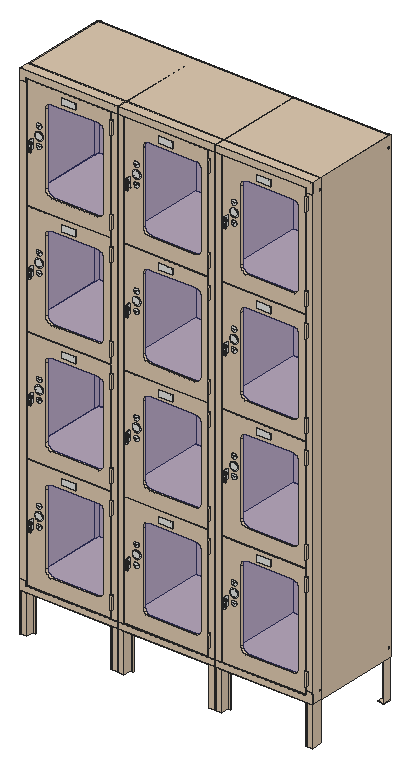
Revit family "Metal_See_Through_Lockers-Salsbury_Industries-S_54000_Series-3_Wide_Units", category Specialty Equipment, Revit 2016
Family settings
  Part Type = Normal
  Round Connector Dimension = Use Diameter
  OmniClass Number = 23.40.00.00
  OmniClass Title = Equipment and Furnishings
  Work Plane-Based = No
  Always vertical = Yes
  Cut with Voids When Loaded = No
  Shared = No
  Room Calculation Point = No
Parameters (values of type "S-54365 - with Standard 6" High Legs")
  Zee Base Corner - Right Side [instance] = Metal Locker Zee Base Corner : None
  Zee Base Corner - Left Side [instance] = Metal Locker Zee Base Corner : None
  Zee Base - Right Side [instance] = Metal Locker Zee Base-Right Side : None
  Zee Base - Left Side [instance] = Metal Locker Zee Base-Left Side : None
  Zee Base = Metal Locker Zee Base - 3 Wide : None
  Window Panel Material = Polycarbonate - Salsbury Finish - Clear
  Width = 45.040"
  Version = "2.0 (03/30/18)"
  Unit Height including Sloping Hood Only [instance] = 80.682"
  Unit Height = 72.000"
  URL = "www.lockers.com"
  Type Comments = "15\" Wide See-Through Metal Lockers - Four Tier"
  Total Door(s) Height [instance] = 69.81949"
  Sloping Top In-Line Filler - Right Side [instance] = Metal Locker Sloping Top Filler : None
  Sloping Top In-Line Filler - Left Side [instance] = Metal Locker Sloping Top Filler : None
  Sloping Top Corner Filler - Right Side [instance] = Metal Locker Sloping Corner Filler : None
  Sloping Top Corner Filler - Left Side [instance] = Metal Locker Sloping Corner Filler : None
  Sloping Hood Height = if(Depth = 12.010", 6.625", if(Depth = 15.010", 8.682", if(Depth = 18.010", 10.739", 0.000")))  # 8.682"
  Sloping Hood [instance] = Metal Locker Sloping Hood : None
  Compartment Divider Height = Individual Door Height - 0.375"  # 16.985"
  Right Side Base [instance] = Metal Locker Right Side Base : None
  Primary Structure Material [instance] = Paint - Salsbury Finish - Tan
  Overall Width including Rivets [instance] = 45.120"
  Unit Height including Base Only [instance] = 78.000"
  Overall Unit Height (including Base and Sloping Hood) [instance] = 86.682"
  OmniClass 23 Title = "Equipment and Furnishings"
  OmniClass 23 Number = "23.40.00.00"
  Model = "S-54365"
  MasterFormat Title = "Lockers"
  MasterFormat Number = "10 51 13"
  Manufacturer = "Salsbury Industries"
  Left Side Base [instance] = Metal Locker Left Side Base : None
  Individual Door Height = 17.360"
  Hasp Plate Rivet Material = Steel -Salsbury Finish - Polished Steel
  Front Vertical Filler - Right [instance] = Metal Locker Front Filler : None
  Front Vertical Filler - Left [instance] = Metal Locker Front Filler : None
  Front Base [instance] = Metal Locker Front Base : None
  Flat Top In-Line Filler - Right Side [instance] = Metal Locker Flat Top Filler : None
  Flat Top In-Line Filler - Left Side [instance] = Metal Locker Flat Top Filler : None
  Flat Top Corner Filler - Right Side [instance] = Metal Locker Flat Corner Filler : None
  Flat Top Corner Filler - Left Side [instance] = Metal Locker Flat Corner Filler : None
  Individual Door Width [instance] = 9.90055"
  End Panel - Right Side [instance] = Metal Locker End Panel : None
  End Panel - Left Side [instance] = Metal Locker End Panel : None
  Door Location D1 = See-Through Metal Locker Doors-15 inch with Latch Hasps : Four Tier Door - 6 foot
  Description = "3 Wide - 6 Feet High - 15 Inches Deep"
  Depth = 15.010"
  Base Height = 6.000"
  Standard Leg Base = Metal Locker Legs - 3 Wide : 6" High - 45"W x 15"D
  Assembly Code = "C1030310"
Reference planes (in)
  plane 1 "Center (Front/Back)": y = 0
  plane 2: z = 0
  plane 3 "Center (Left/Right)": x = 0
  plane 4 "Floor": z = 0
  plane 5 "Bottom of Unit": z = 6
  plane 6 "Top of Unit": z = 78
  plane 7 "Left Side of Unit": x = -18.02
  plane 8 "Right Side of Unit": x = 27.02
  plane 9 "Back of Unit": y = 7.505
  plane 10 "Front of Unit": y = -7.505
  plane 11 "Top of Sloping Hood": z = 86.682
  plane 12 "Left Rivet": x = -18.06
  plane 13 "Right Rivet": x = 27.06
  plane 14 "Right Side of Door Opening": x = 26.02
  plane 15 "Left Side of Door Opening": x = -17.02
  plane 16 "Top of Door Opening": z = 77
  plane 17 "Bottom of Door Opening": z = 7
  plane 18 "Back Edge of Front Facing": y = -5.917
  plane 19 "Front Plate Plane": y = -7.565
  plane 20 "Horizontal Center of Top Rivets": z = 76.5
  plane 21 "Horiz Center of Bottom Rivets": z = 7.5
  plane 22 "Vertical Center of Back Rivets": y = 7.005
  plane 23 "Vertical Center of Front Rivets": y = -6.255
  plane 24 "Right Align Top Filler Overlap": x = 26.435
  plane 25 "Left Align Top Filler Overlap": x = -17.435
  plane 26 "Corner Filler Align-Left": x = -18.08
  plane 27 "Corner Filler Align-Right": x = 27.08
  plane 28 "Right Side of Door": x = 25.95026
  plane 29 "Top of Door 1": z = 76.90976
  plane 30 "Bottom of Bottom Door": z = 7.09027
  plane 31 "Zee Base Offset": x = -17.669
  plane 32: x = 26.669
  plane 33 "Compartment Align 3": z = 24.985
  plane 34: x = -17.96
  plane 35: x = 26.96
  plane 36: x = -17.635
  plane 37: x = 26.635
  plane 38: y = 7.445
  plane 39: y = 7.395
  plane 40: y = 6.645
  plane 41: x = -17.9
  plane 42: x = 26.9
  plane 43: x = -17.095
  plane 44: x = 26.095
  plane 45: z = 77.94
  plane 46: z = 24.925
  plane 47: z = 23.985
  plane 48: z = 6.9204
  plane 49: z = 6.18539
  plane 50: z = 76.40796
  plane 51: z = 7.59204
  plane 52 "Right Side of Center Unit": x = 12.00667
  plane 53 "Left Side of Center Unit": x = -3.00667
  plane 54: x = 12.98167
  plane 55 "Left Side of Door Opening-Right Door": x = 13.00667
  plane 56: x = 11.03167
  plane 57 "Right Side of Door Opening-Center Door": x = 11.00667
  plane 58 "Right Side of Door - Center Door": x = 10.93667
  plane 59: x = -2.03167
  plane 60 "Left Side of Door Opening - Center Door": x = -2.00667
  plane 61: x = -3.98167
  plane 62 "Right Side of Door Opening - Left Door": x = -4.00667
  plane 63 "Right Side of Door - Left Door": x = -4.07667
  plane 64: z = 23.985
  plane 65 "Top of Door Row 3": z = 24.45027
  plane 66 "Bottom of Door Row 2": z = 24.57576
  plane 67 "Top of Door Row 2": z = 41.93576
  plane 68: z = 42.06276
  plane 69 "Compartment Align 2": z = 42.43527
  plane 70: z = 42.37527
  plane 71: z = 41.43527
  plane 72: z = 53.22076
  plane 73: z = 59.42276
  plane 74: z = 59.54976
  plane 75: z = 58.92076
  plane 76: z = 59.86076
  plane 77 "Compartment Align 1": z = 59.92076
  plane 78: z = 70.70625
  plane 79: x = -3.03667
  plane 80: x = -2.97667
  plane 81: x = 11.97667
  plane 82: x = 12.03667
Forms (in)
  Sweep 1, solid, material "Paint - Salsbury Finish - Tan" <- "Primary Structure Material"
    path origin (0, -7.505, 0) x (1, 0, 0) y (0, 0, 1)
      loop
        line (12.00667, 78) -> (12.00667, 6) -> (27.02, 6) -> (27.02, 78) -> (12.00667, 78)
    profile origin (19.51333, -7.505, 78) x (0, 0, 1) y (0, -1, 0)
      loop
        line (0, 0) -> (-1, 0) -> (-1, -1.588) -> (0, -1.588) -> (0, 0)
  Extrusion 2, solid, material "Paint - Salsbury Finish - Tan" <- "Primary Structure Material"
    sketch origin (0, 0, 6) x (0, -1, 0) y (1, 0, 0)
      loop
        line (5.917, 27.02) -> (-7.505, 27.02) -> (-7.505, 26.635) -> (-7.445, 26.635) -> (-7.445, 26.96) -> (5.917, 26.96) -> (5.917, 27.02)
    from 0 to 72
  Extrusion 3, solid, material "Paint - Salsbury Finish - Tan" <- "Primary Structure Material"
    sketch origin (0, 0, 6) x (0, -1, 0) y (1, 0, 0)
      loop
        line (5.917, -18.02) -> (5.917, -17.96) -> (-7.445, -17.96) -> (-7.445, -17.635) -> (-7.505, -17.635) -> (-7.505, -18.02) -> (5.917, -18.02)
    from 0 to 72
  Extrusion 4, solid, material "Paint - Salsbury Finish - Tan" <- "Primary Structure Material"
    sketch origin (0, 0, 6) x (0, -1, 0) y (1, 0, 0)
      loop
        line (-7.445, -17.96) -> (-6.645, -17.96) -> (-6.645, -17.9) -> (-7.395, -17.9) -> (-7.395, 26.9) -> (-6.645, 26.9) -> (-6.645, 26.96) -> (-7.445, 26.96) -> (-7.445, -17.96)
    from 0 to 72
  Sweep 5, solid, material "Paint - Salsbury Finish - Tan" <- "Primary Structure Material"
    path origin (0, 0, 7) x (0, -1, 0) y (1, 0, 0)
      loop
        line (5.917, -17.96) -> (5.917, 26.96) -> (-6.645, 26.96) -> (-6.645, 26.9) -> (-7.395, 26.9) -> (-7.395, -17.9) -> (-6.645, -17.9) -> (-6.645, -17.96) -> (5.917, -17.96)
    profile origin (-17.96, 0.364, 7) x (-1, 0, 0) y (0, 0, 1)
      loop
        line (0, -0.81461) -> (0, -0.0796) -> (-0.06, -0.0796) -> (-0.06, -0.81461) -> (0, -0.81461)
  Extrusion 6, solid, material "Paint - Salsbury Finish - Tan" <- "Primary Structure Material"
    sketch origin (0, 0, 7) x (0, -1, 0) y (1, 0, 0)
      loop
        line (-7.395, -17.9) -> (-6.645, -17.9) -> (-6.645, -17.96) -> (5.917, -17.96) -> (5.917, 26.96) -> (-6.645, 26.96) -> (-6.645, 26.9) -> (-7.395, 26.9) -> (-7.395, -17.9)
    from -0.0796 to 0
  Extrusion 7, solid, material "Paint - Salsbury Finish - Tan" <- "Primary Structure Material"
    sketch origin (0, 0, 78) x (0, -1, 0) y (1, 0, 0)
      loop
        line (-7.395, -17.9) -> (-6.645, -17.9) -> (-6.645, -17.96) -> (5.917, -17.96) -> (5.917, 26.96) -> (-6.645, 26.96) -> (-6.645, 26.9) -> (-7.395, 26.9) -> (-7.395, -17.9)
    from -0.06 to 0
  Extrusion 8, solid, material "Paint - Salsbury Finish - Tan" <- "Primary Structure Material"
    sketch origin (0, -7.565, 0) x (0, 0, -1) y (1, 0, 0)
      loop
        line (-78, -18.02) -> (-76.47656, -18.02)
        arc (-76.47656, -18.02) -> (-76.42806, -17.99991) -> (-76.40796, -17.9514) r 0.0686
        line (-76.40796, -17.9514) -> (-76.40796, -17.16351)
        arc (-76.40796, -17.16351) -> (-76.42809, -17.11506) -> (-76.47656, -17.095) r 0.0686
        line (-76.47656, -17.095) -> (-77, -17.095) -> (-77, 26.095) -> (-76.47656, 26.095)
        arc (-76.47656, 26.095) -> (-76.42809, 26.11506) -> (-76.40796, 26.16351) r 0.0686
        line (-76.40796, 26.16351) -> (-76.40796, 26.9514)
        arc (-76.40796, 26.9514) -> (-76.42806, 26.99991) -> (-76.47656, 27.02) r 0.0686
        line (-76.47656, 27.02) -> (-78, 27.02) -> (-78, -18.02)
    from -0.06 to 0
  Extrusion 9, solid, material "Paint - Salsbury Finish - Tan" <- "Primary Structure Material"
    sketch origin (0, -7.565, 84) x (0, 0, 1) y (-1, 0, 0)
      loop
        line (-78, 18.02) -> (-78, -27.02) -> (-76.47656, -27.02)
        arc (-76.47656, -27.02) -> (-76.42806, -26.99991) -> (-76.40796, -26.9514) r 0.0686
        line (-76.40796, -26.9514) -> (-76.40796, -26.16351)
        arc (-76.40796, -26.16351) -> (-76.42809, -26.11506) -> (-76.47656, -26.095) r 0.0686
        line (-76.47656, -26.095) -> (-77, -26.095) -> (-77, 17.095) -> (-76.47656, 17.095)
        arc (-76.47656, 17.095) -> (-76.42809, 17.11506) -> (-76.40796, 17.16351) r 0.0686
        line (-76.40796, 17.16351) -> (-76.40796, 17.9514)
        arc (-76.40796, 17.9514) -> (-76.42806, 17.99991) -> (-76.47656, 18.02) r 0.0686
        line (-76.47656, 18.02) -> (-78, 18.02)
    from -0.06 to 0
  Blend 10, solid, material "Steel -Salsbury Finish - Polished Steel" <- "Hasp Plate Rivet Material"
    base sketch origin (27.02, 0, 0) x (0, 0, -1) y (0, -1, 0)
      loop
        circle (-76.5, 6.255) r 0.187
    top sketch origin (27.02, 0, 0) x (0, 0, -1) y (0, -1, 0)
      loop
        circle (-76.5, 6.255) r 0.05319
    from 0 to -0.04
  Blend 11, solid, material "Steel -Salsbury Finish - Polished Steel" <- "Hasp Plate Rivet Material"
    base sketch origin (27.02, 0, -69) x (0, 0, -1) y (0, -1, 0)
      loop
        circle (-76.5, 6.255) r 0.187
    top sketch origin (27.02, 0, -69) x (0, 0, -1) y (0, -1, 0)
      loop
        circle (-76.5, 6.255) r 0.05319
    from 0 to -0.04
  Blend 12, solid, material "Steel -Salsbury Finish - Polished Steel" <- "Hasp Plate Rivet Material"
    base sketch origin (27.02, 10.26, -69) x (0, 0, -1) y (0, -1, 0)
      loop
        circle (-76.5, 3.255) r 0.187
    top sketch origin (27.02, 10.26, -69) x (0, 0, -1) y (0, -1, 0)
      loop
        circle (-76.5, 3.255) r 0.05319
    from 0 to -0.04
  Blend 13, solid, material "Steel -Salsbury Finish - Polished Steel" <- "Hasp Plate Rivet Material"
    base sketch origin (27.02, 10.26, 0.0043) x (0, 0, -1) y (0, -1, 0)
      loop
        circle (-76.5, 3.255) r 0.187
    top sketch origin (27.02, 10.26, 0.0043) x (0, 0, -1) y (0, -1, 0)
      loop
        circle (-76.5, 3.255) r 0.05319
    from 0 to -0.04
  Blend 14, solid, material "Steel -Salsbury Finish - Polished Steel" <- "Hasp Plate Rivet Material"
    base sketch origin (-6.02, 0, -69) x (0, 0, -1) y (0, 1, 0)
      loop
        circle (-76.5, -6.255) r 0.187
    top sketch origin (-6.02, 0, -69) x (0, 0, -1) y (0, 1, 0)
      loop
        circle (-76.5, -6.255) r 0.05319
    from -12 to -12.04
  Blend 15, solid, material "Steel -Salsbury Finish - Polished Steel" <- "Hasp Plate Rivet Material"
    base sketch origin (-6.02, 10.26, -69) x (0, 0, -1) y (0, 1, 0)
      loop
        circle (-76.5, -3.255) r 0.187
    top sketch origin (-6.02, 10.26, -69) x (0, 0, -1) y (0, 1, 0)
      loop
        circle (-76.5, -3.255) r 0.05319
    from -12 to -12.04
  Blend 16, solid, material "Steel -Salsbury Finish - Polished Steel" <- "Hasp Plate Rivet Material"
    base sketch origin (-6.02, 0, 0) x (0, 0, -1) y (0, 1, 0)
      loop
        circle (-76.5, -6.255) r 0.187
    top sketch origin (-6.02, 0, 0) x (0, 0, -1) y (0, 1, 0)
      loop
        circle (-76.5, -6.255) r 0.05319
    from -12 to -12.04
  Blend 17, solid, material "Steel -Salsbury Finish - Polished Steel" <- "Hasp Plate Rivet Material"
    base sketch origin (-6.02, 10.26, 0.00039) x (0, 0, -1) y (0, 1, 0)
      loop
        circle (-76.5, -3.255) r 0.187
    top sketch origin (-6.02, 10.26, 0.00039) x (0, 0, -1) y (0, 1, 0)
      loop
        circle (-76.5, -3.255) r 0.05319
    from -12 to -12.04
  Extrusion 18, solid, material "Paint - Salsbury Finish - Tan" <- "Primary Structure Material"
    sketch origin (0, 0, 24.985) x (0, -1, 0) y (1, 0, 0)
      loop
        line (-7.395, -17.9) -> (-6.645, -17.9) -> (-6.645, -17.96) -> (5.917, -17.96) -> (5.917, 26.96) -> (-6.645, 26.96) -> (-6.645, 26.9) -> (-7.395, 26.9) -> (-7.395, -17.9)
    from -0.06 to 0
  Sweep 19, solid, material "Paint - Salsbury Finish - Tan" <- "Primary Structure Material"
    path origin (0, 0, 24.985) x (0, -1, 0) y (1, 0, 0)
      loop
        line (5.917, -17.96) -> (5.917, 26.96) -> (-6.645, 26.96) -> (-6.645, 26.9) -> (-7.395, 26.9) -> (-7.395, -17.9) -> (-6.645, -17.9) -> (-6.645, -17.96) -> (5.917, -17.96)
    profile origin (-17.96, 0.364, 24.985) x (-1, 0, 0) y (0, 0, 1)
      loop
        line (0, -1) -> (0, -0.06) -> (-0.06, -0.06) -> (-0.06, -1) -> (0, -1)
  Sweep 20, solid, material "Paint - Salsbury Finish - Tan" <- "Primary Structure Material"
    path origin (-12.01333, -7.505, 0) x (1, 0, 0) y (0, 0, 1)
      loop
        line (9.00667, 78) -> (9.00667, 6) -> (24.02, 6) -> (24.02, 78) -> (9.00667, 78)
    profile origin (4.5, -7.505, 78) x (0, 0, 1) y (0, -1, 0)
      loop
        line (0, 0) -> (-1, 0) -> (-1, -1.588) -> (0, -1.588) -> (0, 0)
  Sweep 21, solid, material "Paint - Salsbury Finish - Tan" <- "Primary Structure Material"
    path origin (-24.02667, -7.505, 0) x (1, 0, 0) y (0, 0, 1)
      loop
        line (6.00667, 78) -> (6.00667, 6) -> (21.02, 6) -> (21.02, 78) -> (6.00667, 78)
    profile origin (-10.51333, -7.505, 78) x (0, 0, 1) y (0, -1, 0)
      loop
        line (0, 0) -> (-1, 0) -> (-1, -1.588) -> (0, -1.588) -> (0, 0)
  Extrusion 22, solid, material "Paint - Salsbury Finish - Tan" <- "Primary Structure Material"
    sketch origin (0, 0, 42.43527) x (0, -1, 0) y (1, 0, 0)
      loop
        line (-7.445, -17.9) -> (-6.645, -17.9) -> (-6.645, -17.96) -> (5.917, -17.96) -> (5.917, 26.96) -> (-6.645, 26.96) -> (-6.645, 26.9) -> (-7.445, 26.9) -> (-7.445, -17.9)
    from -0.06 to 0
  Sweep 23, solid, material "Paint - Salsbury Finish - Tan" <- "Primary Structure Material"
    path origin (0, 0, 42.43527) x (0, -1, 0) y (1, 0, 0)
      loop
        line (5.917, -17.96) -> (5.917, 26.96) -> (-6.645, 26.96) -> (-6.645, 26.9) -> (-7.445, 26.9) -> (-7.445, -17.9) -> (-6.645, -17.9) -> (-6.645, -17.96) -> (5.917, -17.96)
    profile origin (-17.96, 0.364, 42.43527) x (-1, 0, 0) y (0, 0, 1)
      loop
        line (0, -1) -> (0, -0.06) -> (-0.06, -0.06) -> (-0.06, -1) -> (0, -1)
  Extrusion 24, solid, material "Paint - Salsbury Finish - Tan" <- "Primary Structure Material"
    sketch origin (0, 0, 59.92076) x (0, -1, 0) y (1, 0, 0)
      loop
        line (-7.445, -17.9) -> (-6.645, -17.9) -> (-6.645, -17.96) -> (5.917, -17.96) -> (5.917, 26.96) -> (-6.645, 26.96) -> (-6.645, 26.9) -> (-7.445, 26.9) -> (-7.445, -17.9)
    from -0.06 to 0
  Sweep 25, solid, material "Paint - Salsbury Finish - Tan" <- "Primary Structure Material"
    path origin (0, 0, 59.92076) x (0, -1, 0) y (1, 0, 0)
      loop
        line (5.917, -17.96) -> (5.917, 26.96) -> (-6.645, 26.96) -> (-6.645, 26.9) -> (-7.445, 26.9) -> (-7.445, -17.9) -> (-6.645, -17.9) -> (-6.645, -17.96) -> (5.917, -17.96)
    profile origin (-17.96, 0.364, 59.92076) x (-1, 0, 0) y (0, 0, 1)
      loop
        line (0, -1) -> (0, -0.06) -> (-0.06, -0.06) -> (-0.06, -1) -> (0, -1)
  Extrusion 26, solid, material "Paint - Salsbury Finish - Tan" <- "Primary Structure Material", detail levels medium+fine
    sketch origin (12.00667, 0, 0) x (0, 0, -1) y (0, -1, 0)
      loop
        line (-77.94, 5.917) -> (-77.94, -7.395) -> (-6, -7.395) -> (-6, 5.917) -> (-77.94, 5.917)
    from -0.03 to 0.03
  Extrusion 27, solid, material "Paint - Salsbury Finish - Tan" <- "Primary Structure Material", detail levels medium+fine
    sketch origin (-3.00667, 0, 0) x (0, 0, -1) y (0, -1, 0)
      loop
        line (-77.94, 5.917) -> (-77.94, -7.395) -> (-6, -7.395) -> (-6, 5.917) -> (-77.94, 5.917)
    from -0.03 to 0.03
Lines and regions (in)
  reference lines
    curve 1: line (-41.59242, -7.565, 78) -> (57.15758, -7.565, 78)
  symbolic lines
    curve 2: line (-18.02, 7.505, 78) -> (27.02, 7.505, 78)
    curve 3: line (-18.02, -7.565, 78) -> (-18.02, 7.505, 78)
    curve 4: line (27.02, -7.565, 78) -> (-18.02, -7.565, 78)
    curve 5: line (27.02, 7.505, 78) -> (27.02, -7.565, 78)
    curve 6: line (-18.06, -6.30819, 78) -> (-18.02, -6.41809, 78)
    curve 7: line (-18.02, -6.08043, 78) -> (-18.06, -6.20181, 78)
    curve 8: line (-18.06, -6.30819, 78) -> (-18.06, -6.20181, 78)
    curve 9: line (-18.06, 6.95181, 78) -> (-18.02, 6.81077, 78)
    curve 10: line (-18.06, 7.05819, 78) -> (-18.02, 7.18474, 78)
    curve 11: line (-18.06, 7.05819, 78) -> (-18.06, 6.95181, 78)
    curve 12: line (27.06, 7.05819, 78) -> (27.02, 7.20747, 78)
    curve 13: line (27.06, 6.95181, 78) -> (27.02, 6.8179, 78)
    curve 14: line (27.06, 7.05819, 78) -> (27.06, 6.95181, 78)
    curve 15: line (27.06, -6.20181, 78) -> (27.02, -6.07098, 78)
    curve 16: line (27.06, -6.30819, 78) -> (27.02, -6.44769, 78)
    curve 17: line (27.06, -6.20181, 78) -> (27.06, -6.30819, 78)
  model lines
    curve 18: line (12.00667, 7.505, 6) -> (12.00667, 7.505, 78)
    curve 19: line (-3.00667, 7.505, 6) -> (-3.00667, 7.505, 78)
    curve 20: line (-3.00667, 7.445, 78) -> (-3.00667, -7.565, 78)
    curve 21: line (12.00667, 7.445, 78) -> (12.00667, -7.565, 78)
Dimensions and locks (in)
  equal spacing: plane 7 "Left Side of Unit", plane 53 "Left Side of Center Unit", plane 52 "Right Side of Center Unit", plane 8 "Right Side of Unit"
  "Width": plane 7 "Left Side of Unit" to plane 8 "Right Side of Unit"
  "Base Height": plane 5 "Bottom of Unit" to plane 4 "Floor"
  "Unit Height": plane 6 "Top of Unit" to plane 5 "Bottom of Unit"
  "Unit Height including Base Only": plane 6 "Top of Unit" to plane 4 "Floor"
  equal spacing: plane 10 "Front of Unit", plane 1 "Center (Front/Back)", plane 9 "Back of Unit"
  "Depth": plane 10 "Front of Unit" to plane 9 "Back of Unit"
  "Sloping Hood Height": plane 11 "Top of Sloping Hood" to plane 6 "Top of Unit"
  "Overall Unit Height (including Base and Sloping Hood)": plane 11 "Top of Sloping Hood" to plane 4 "Floor"
  locked: plane 12 "Left Rivet" to plane 7 "Left Side of Unit" at 0.04
  locked: plane 8 "Right Side of Unit" to plane 13 "Right Rivet" at 0.04
  "Overall Width including Rivets": plane 12 "Left Rivet" to plane 13 "Right Rivet"
  plane 6 "Top of Unit" to plane 16 "Top of Door Opening" to plane 29 "Top of Door 1" to plane 50 = 1.000" locked, 0.09024", 0.5018"
  plane 51 to plane 30 "Bottom of Bottom Door" to plane 17 "Bottom of Door Opening" to plane 5 "Bottom of Unit" = 0.50177", 0.09027", 1.000" locked
  locked: plane 7 "Left Side of Unit" to plane 15 "Left Side of Door Opening" at 1
  plane 28 "Right Side of Door" to plane 14 "Right Side of Door Opening" to plane 8 "Right Side of Unit" = 0.06974", 1.000" locked
  plane 19 "Front Plate Plane" to plane 10 "Front of Unit" to plane 18 "Back Edge of Front Facing" = 0.060" locked, 1.588" locked
  "Unit Height including Sloping Hood Only": plane 11 "Top of Sloping Hood" to plane 5 "Bottom of Unit"
  locked: plane 20 "Horizontal Center of Top Rivets" to plane 6 "Top of Unit" at 1.5
  locked: plane 5 "Bottom of Unit" to plane 21 "Horiz Center of Bottom Rivets" at 1.5
  locked: plane 22 "Vertical Center of Back Rivets" to plane 9 "Back of Unit" at 0.5
  locked: plane 10 "Front of Unit" to plane 23 "Vertical Center of Front Rivets" at 1.25
  locked: plane 24 "Right Align Top Filler Overlap" to plane 13 "Right Rivet" at 0.625
  locked: plane 12 "Left Rivet" to plane 25 "Left Align Top Filler Overlap" at 0.625
  locked: plane 8 "Right Side of Unit" to plane 27 "Corner Filler Align-Right" at 0.06
  locked: plane 26 "Corner Filler Align-Left" to plane 7 "Left Side of Unit" at 0.06
  "Total Door(s) Height": plane 29 "Top of Door 1" to plane 30 "Bottom of Bottom Door"
  plane 7 "Left Side of Unit" to plane 31 "Zee Base Offset" = 0.351"
  plane 32 to plane 8 "Right Side of Unit" = 0.351"
  plane 33 "Compartment Align 3" to plane 46 to plane 64 = 0.060" locked, 0.940" locked
  plane 7 "Left Side of Unit" to plane 34 to plane 41 to plane 36 = 0.060" locked, 0.060" locked, 0.265" locked
  plane 37 to plane 42 to plane 35 to plane 8 "Right Side of Unit" = 0.265" locked, 0.060", 0.060"
  plane 40 to plane 39 to plane 38 to plane 9 "Back of Unit" = 0.750" locked, 0.050", 0.060"
  locked: plane 7 "Left Side of Unit" to plane 43 at 0.925
  locked: plane 44 to plane 8 "Right Side of Unit" at 0.925
  locked: plane 6 "Top of Unit" to plane 45 at 0.06
  plane 46 to plane 47 = 0.940"
  locked: plane 17 "Bottom of Door Opening" to plane 48 at 0.0796
  plane 48 to plane 49 = 0.73501"
  plane 58 "Right Side of Door - Center Door" to plane 57 "Right Side of Door Opening-Center Door" to plane 56 to plane 52 "Right Side of Center Unit" to plane 54 to plane 55 "Left Side of Door Opening-Right Door" = 0.070", 0.025", 0.975", 0.975", 0.025"
  plane 63 "Right Side of Door - Left Door" to plane 62 "Right Side of Door Opening - Left Door" to plane 61 to plane 53 "Left Side of Center Unit" to plane 59 to plane 60 "Left Side of Door Opening - Center Door" = 0.070", 0.025", 0.975", 0.975", 0.025"
  "Individual Door Height": plane 65 "Top of Door Row 3" to plane 30 "Bottom of Bottom Door"
  "Compartment Divider Height": plane 64 to plane 17 "Bottom of Door Opening"
  locked: plane 66 "Bottom of Door Row 2" to plane 65 "Top of Door Row 3" at 0.12549
  "Individual Door Height": plane 67 "Top of Door Row 2" to plane 66 "Bottom of Door Row 2"
  locked: plane 68 to plane 67 "Top of Door Row 2" at 0.127
  plane 69 "Compartment Align 2" to plane 70 to plane 71 = 0.060" locked, 0.940" locked
  "Compartment Divider Height": plane 71 to plane 65 "Top of Door Row 3"
  "Individual Door Height": plane 73 to plane 68
  locked: plane 74 to plane 73 at 0.127
  "Compartment Divider Height": plane 75 to plane 67 "Top of Door Row 2"
  plane 77 "Compartment Align 1" to plane 76 to plane 75 = 0.060" locked, 0.940" locked
  plane 79 to plane 53 "Left Side of Center Unit" to plane 80 = 0.030", 0.030"
  plane 81 to plane 52 "Right Side of Center Unit" to plane 82 = 0.030", 0.030"
  aligned and locked: level to plane 2
  aligned and locked: Extrusion 2 to plane 6 "Top of Unit"
  aligned and locked: Extrusion 3 to plane 6 "Top of Unit"
  aligned and locked: Extrusion 4 to plane 6 "Top of Unit"
  aligned and locked: Extrusion 8 to plane 10 "Front of Unit"
  aligned and locked: Extrusion 9 to plane 10 "Front of Unit"
  aligned and locked: Extrusion 6 to plane 17 "Bottom of Door Opening"
  aligned and locked: plane 4 "Floor" to nested 2
  aligned and locked: plane 5 "Bottom of Unit" to Extrusion 9
  aligned and locked: plane 8 "Right Side of Unit" to nested 6
  aligned and locked: plane 7 "Left Side of Unit" to nested 7
  aligned and locked: Blend 10 to plane 13 "Right Rivet"
  aligned and locked: plane 8 "Right Side of Unit" to Blend 10
  aligned and locked: Blend 15 to plane 7 "Left Side of Unit"
  aligned and locked: Blend 14 to plane 7 "Left Side of Unit"  (x2)
  aligned and locked: plane 12 "Left Rivet" to Blend 14
  aligned and locked: plane 12 "Left Rivet" to Blend 15
  aligned and locked: Blend 14 to plane 12 "Left Rivet"
  aligned and locked: Blend 17 to plane 7 "Left Side of Unit"
  aligned and locked: plane 12 "Left Rivet" to Blend 17
  aligned and locked: Blend 16 to plane 7 "Left Side of Unit"
  aligned and locked: plane 12 "Left Rivet" to Blend 16
  aligned and locked: plane 5 "Bottom of Unit" to nested 10
  aligned and locked: plane 13 "Right Rivet" to nested 10
  aligned and locked: plane 12 "Left Rivet" to nested 11
  aligned and locked: nested 11 to plane 10 "Front of Unit"
  aligned and locked: plane 13 "Right Rivet" to nested 12
  aligned and locked: plane 10 "Front of Unit" to nested 12
  aligned and locked: plane 6 "Top of Unit" to nested 12
  aligned and locked: plane 12 "Left Rivet" to nested 13
  aligned and locked: plane 10 "Front of Unit" to nested 13
  aligned and locked: plane 6 "Top of Unit" to nested 13
  aligned and locked: plane 6 "Top of Unit" to nested 14
  aligned and locked: nested 14 to plane 19 "Front Plate Plane"
  aligned and locked: nested 14 to plane 24 "Right Align Top Filler Overlap"
  aligned and locked: nested 15 to plane 25 "Left Align Top Filler Overlap"
  aligned and locked: nested 15 to plane 19 "Front Plate Plane"
  aligned and locked: nested 10 to nested 15
  aligned and locked: plane 19 "Front Plate Plane" to nested 16
  aligned and locked: plane 6 "Top of Unit" to nested 16
  aligned and locked: nested 17 to plane 6 "Top of Unit"
  aligned and locked: nested 17 to plane 19 "Front Plate Plane"
  aligned and locked: nested 18 to plane 24 "Right Align Top Filler Overlap"
  aligned and locked: nested 18 to plane 19 "Front Plate Plane"
  aligned and locked: plane 16 "Top of Door Opening" to nested 18
  aligned and locked: nested 19 to plane 16 "Top of Door Opening"
  aligned and locked: nested 19 to plane 25 "Left Align Top Filler Overlap"
  aligned and locked: nested 19 to plane 19 "Front Plate Plane"
  aligned and locked: nested 11 to plane 6 "Top of Unit"
  aligned and locked: plane 10 "Front of Unit" to nested 10
  aligned and locked: plane 10 "Front of Unit" to nested 22
  aligned and locked: plane 10 "Front of Unit" to nested 1
  aligned and locked: plane 10 "Front of Unit" to nested 2
  aligned and locked: plane 7 "Left Side of Unit" to nested 17
  aligned and locked: plane 31 "Zee Base Offset" to nested 9
  aligned and locked: plane 18 "Back Edge of Front Facing" to nested 9
  aligned and locked: nested 8 to plane 18 "Back Edge of Front Facing"
  aligned and locked: plane 32 to nested 8
  aligned and locked: nested 21 to curve 1
  aligned and locked: nested 20 to curve 1
  aligned and locked: Sweep 19 sketch curve to Extrusion 18
  aligned and locked: plane 7 "Left Side of Unit" to Extrusion 3
  aligned and locked: Extrusion 3 to plane 9 "Back of Unit"
  aligned and locked: Extrusion 2 to plane 8 "Right Side of Unit"
  aligned and locked: Extrusion 2 to plane 9 "Back of Unit"
  aligned and locked: plane 18 "Back Edge of Front Facing" to Extrusion 3
  aligned and locked: plane 18 "Back Edge of Front Facing" to Extrusion 2
  aligned and locked: plane 34 to Extrusion 3
  aligned and locked: Extrusion 2 to plane 35
  aligned and locked: plane 36 to Extrusion 3
  aligned and locked: plane 37 to Extrusion 2
  aligned and locked: Extrusion 3 to plane 38
  aligned and locked: plane 38 to Extrusion 2
  aligned and locked: Extrusion 4 to plane 38
  aligned and locked: Extrusion 4 to plane 39
  aligned and locked: Extrusion 4 to plane 34
  aligned and locked: plane 40 to Extrusion 4  (x2)
  aligned and locked: plane 41 to Extrusion 4
  aligned and locked: plane 42 to Extrusion 4
  aligned and locked: Extrusion 7 to plane 39
  aligned and locked: plane 41 to Extrusion 7
  aligned and locked: plane 34 to Extrusion 7  (x2)
  aligned and locked: Extrusion 7 to plane 40  (x2)
  aligned and locked: Extrusion 7 to plane 42
  aligned and locked: Extrusion 7 to plane 35  (x2)
  aligned and locked: plane 18 "Back Edge of Front Facing" to Extrusion 7
  aligned and locked: plane 18 "Back Edge of Front Facing" to Extrusion 6
  aligned and locked: Extrusion 6 to plane 39
  aligned and locked: Extrusion 6 to plane 42
  aligned and locked: Extrusion 6 to plane 40  (x2)
  aligned and locked: Extrusion 6 to plane 35
  aligned and locked: plane 41 to Extrusion 6
  aligned and locked: plane 34 to Extrusion 6
  aligned and locked: Sweep 5 to plane 39
  aligned and locked: Sweep 5 to plane 40  (x2)
  aligned and locked: Sweep 5 to plane 42
  aligned and locked: Sweep 5 to plane 35
  aligned and locked: plane 18 "Back Edge of Front Facing" to Sweep 5
  aligned and locked: plane 34 to Sweep 5
  aligned and locked: plane 41 to Sweep 5
  aligned and locked: Sweep 5 sketch curve to plane 41
  aligned and locked: Sweep 5 sketch curve to plane 39
  aligned and locked: plane 40 to Sweep 5 sketch curve  (x2)
  aligned and locked: Sweep 5 sketch curve to plane 34  (x2)
  aligned and locked: plane 42 to Sweep 5 sketch curve
  aligned and locked: plane 35 to Sweep 5 sketch curve
  aligned and locked: Sweep 5 sketch curve to plane 18 "Back Edge of Front Facing"
  aligned and locked: Extrusion 18 to plane 39
  aligned and locked: Extrusion 18 to plane 42
  aligned and locked: Extrusion 18 to plane 40  (x2)
  aligned and locked: Extrusion 18 to plane 35
  aligned and locked: plane 18 "Back Edge of Front Facing" to Extrusion 18
  aligned and locked: plane 34 to Extrusion 18
  aligned and locked: plane 41 to Extrusion 18
  aligned and locked: Sweep 19 sketch curve to plane 39
  aligned and locked: plane 42 to Sweep 19 sketch curve
  aligned and locked: plane 40 to Sweep 19 sketch curve  (x2)
  aligned and locked: plane 35 to Sweep 19 sketch curve
  aligned and locked: Sweep 19 sketch curve to plane 18 "Back Edge of Front Facing"
  aligned and locked: Sweep 19 sketch curve to plane 34  (x2)
  aligned and locked: Sweep 19 sketch curve to plane 41
  aligned and locked: plane 6 "Top of Unit" to Sweep 1 sketch curve  (x2)
  aligned and locked: plane 8 "Right Side of Unit" to Sweep 1 sketch curve
  aligned and locked: Sweep 1 sketch curve to plane 5 "Bottom of Unit"
  aligned and locked: plane 10 "Front of Unit" to Sweep 1
  aligned and locked: Extrusion 8 to plane 19 "Front Plate Plane"
  aligned and locked: plane 10 "Front of Unit" to Extrusion 8
  aligned and locked: Extrusion 8 to plane 8 "Right Side of Unit"
  aligned and locked: plane 7 "Left Side of Unit" to Extrusion 8
  aligned and locked: plane 7 "Left Side of Unit" to Extrusion 9
  aligned and locked: plane 19 "Front Plate Plane" to Extrusion 9
  aligned and locked: Extrusion 9 to plane 8 "Right Side of Unit"
  aligned and locked: plane 43 to Extrusion 9
  aligned and locked: plane 44 to Extrusion 9
  aligned and locked: plane 44 to Extrusion 8
  aligned and locked: Extrusion 8 to plane 43
  aligned and locked: plane 28 "Right Side of Door" to nested 22
  aligned and locked: plane 18 "Back Edge of Front Facing" to Sweep 1 sketch curve
  aligned and locked: Sweep 1 sketch curve to plane 16 "Top of Door Opening"
  aligned and locked: Sweep 1 sketch curve to plane 10 "Front of Unit"
  aligned and locked: plane 5 "Bottom of Unit" to Extrusion 4
  aligned and locked: Extrusion 4 to plane 35
  aligned and locked: plane 5 "Bottom of Unit" to Extrusion 3
  aligned and locked: plane 5 "Bottom of Unit" to Extrusion 2
  aligned and locked: Extrusion 7 to plane 6 "Top of Unit"
  aligned and locked: plane 45 to Extrusion 7
  aligned and locked: Extrusion 18 to plane 33 "Compartment Align 3"
  aligned and locked: Extrusion 18 to plane 46
  aligned and locked: plane 41 to Sweep 19 sketch curve
  aligned and locked: plane 47 to Sweep 19 sketch curve
  aligned and locked: Extrusion 6 to plane 48
  aligned and locked: Sweep 5 to plane 48
  aligned and locked: Sweep 5 sketch curve to plane 49
  aligned and locked: Sweep 5 sketch curve to plane 48
  aligned and locked: plane 41 to Sweep 5 sketch curve
  aligned and locked: plane 50 to Extrusion 8
  aligned and locked: Extrusion 8 to plane 50
  aligned and locked: Extrusion 8 to plane 6 "Top of Unit"
  aligned and locked: plane 16 "Top of Door Opening" to Extrusion 8
  aligned and locked: Extrusion 9 to plane 17 "Bottom of Door Opening"
  aligned and locked: plane 51 to Extrusion 9  (x2)
  aligned and locked: plane 4 "Floor" to nested 1
  aligned and locked: Blend 12 to plane 13 "Right Rivet"
  aligned and locked: plane 8 "Right Side of Unit" to Blend 12
  aligned and locked: plane 8 "Right Side of Unit" to Blend 13
  aligned and locked: Blend 13 to plane 13 "Right Rivet"
  aligned and locked: plane 8 "Right Side of Unit" to Blend 11
  aligned and locked: Blend 11 to plane 13 "Right Rivet"
  aligned and locked: curve 3 to nested 21
  aligned and locked: curve 4 to Extrusion 8
  aligned and locked: curve 5 to Extrusion 8
  aligned and locked: curve 8 to Blend 14
  aligned and locked: curve 11 to Blend 15
  aligned and locked: curve 14 to Blend 12
  aligned and locked: curve 17 to Blend 10
  aligned and locked: plane 7 "Left Side of Unit" to nested 21
  aligned and locked: Sweep 1 sketch curve to plane 52 "Right Side of Center Unit"
  aligned and locked: plane 6 "Top of Unit" to Sweep 20 sketch curve
  aligned and locked: Sweep 20 sketch curve to plane 5 "Bottom of Unit"
  aligned and locked: Sweep 21 sketch curve to plane 5 "Bottom of Unit"
  aligned and locked: plane 53 "Left Side of Center Unit" to Sweep 21 sketch curve
  aligned and locked: Sweep 21 sketch curve to plane 7 "Left Side of Unit"
  aligned and locked: plane 6 "Top of Unit" to Sweep 21 sketch curve
  aligned and locked: Sweep 20 sketch curve to plane 53 "Left Side of Center Unit"
  aligned and locked: plane 52 "Right Side of Center Unit" to Sweep 20 sketch curve
  aligned and locked: plane 10 "Front of Unit" to nested 24
  aligned and locked: plane 18 "Back Edge of Front Facing" to Sweep 20 sketch curve
  aligned and locked: Sweep 20 sketch curve to plane 16 "Top of Door Opening"
  aligned and locked: profile plane to Sweep 20 sketch curve
  aligned and locked: Sweep 20 sketch curve to profile plane
  aligned and locked: profile plane to Sweep 21 sketch curve
  aligned and locked: plane 18 "Back Edge of Front Facing" to Sweep 21 sketch curve
  aligned and locked: Sweep 21 sketch curve to plane 16 "Top of Door Opening"
  aligned and locked: Sweep 21 sketch curve to profile plane
  aligned and locked: plane 58 "Right Side of Door - Center Door" to nested 23
  aligned and locked: plane 63 "Right Side of Door - Left Door" to nested 24
  aligned and locked: nested 23 to plane 30 "Bottom of Bottom Door"
  aligned and locked: nested 24 to plane 30 "Bottom of Bottom Door"
  aligned and locked: plane 4 "Floor" to nested 5
  aligned and locked: plane 9 "Back of Unit" to nested 6
  aligned and locked: plane 9 "Back of Unit" to nested 7
  aligned and locked: plane 52 "Right Side of Center Unit" to curve 18
  aligned and locked: plane 53 "Left Side of Center Unit" to curve 19
  aligned and locked: plane 5 "Bottom of Unit" to curve 19
  aligned and locked: plane 5 "Bottom of Unit" to curve 18
  aligned and locked: plane 6 "Top of Unit" to curve 18
  aligned and locked: plane 6 "Top of Unit" to curve 19
  aligned and locked: curve 20 to Extrusion 4
  aligned and locked: curve 20 to Sweep 21
  aligned and locked: curve 21 to Sweep 20
  aligned and locked: Extrusion 4 to curve 21
  aligned and locked: Extrusion 8 to curve 20
  aligned and locked: plane 6 "Top of Unit" to nested 25
  aligned and locked: plane 19 "Front Plate Plane" to nested 25
  aligned and locked: plane 10 "Front of Unit" to nested 23
  aligned and locked: nested 22 to plane 30 "Bottom of Bottom Door"
  aligned and locked: Sweep 19 to plane 64
  aligned and locked: nested 26 to plane 66 "Bottom of Door Row 2"
  aligned and locked: nested 27 to plane 66 "Bottom of Door Row 2"
  aligned and locked: nested 28 to plane 66 "Bottom of Door Row 2"
  aligned and locked: plane 28 "Right Side of Door" to nested 26
  aligned and locked: plane 58 "Right Side of Door - Center Door" to nested 27
  aligned and locked: plane 63 "Right Side of Door - Left Door" to nested 28
  aligned and locked: plane 10 "Front of Unit" to nested 26
  aligned and locked: plane 10 "Front of Unit" to nested 27
  aligned and locked: plane 10 "Front of Unit" to nested 28
  aligned and locked: plane 68 to nested 29
  aligned and locked: nested 30 to plane 68
  aligned and locked: nested 31 to plane 68
  aligned and locked: Extrusion 22 to Sweep 23 sketch curve
  aligned and locked: plane 70 to Extrusion 22
  aligned and locked: Extrusion 22 to plane 69 "Compartment Align 2"
  aligned and locked: Sweep 23 sketch curve to plane 71
  aligned and locked: plane 28 "Right Side of Door" to nested 29
  aligned and locked: plane 58 "Right Side of Door - Center Door" to nested 30
  aligned and locked: plane 63 "Right Side of Door - Left Door" to nested 31
  aligned and locked: plane 10 "Front of Unit" to nested 29
  aligned and locked: plane 10 "Front of Unit" to nested 30
  aligned and locked: plane 10 "Front of Unit" to nested 31
  aligned and locked: Sweep 23 to Extrusion 22  (x2)
  aligned and locked: plane 18 "Back Edge of Front Facing" to Extrusion 22
  aligned and locked: Extrusion 22 to nested 5
  aligned and locked: Extrusion 22 to Sweep 23  (x2)
  aligned and locked: Sweep 23 sketch curve to plane 18 "Back Edge of Front Facing"
  aligned and locked: plane 35 to Sweep 23 sketch curve
  aligned and locked: plane 42 to Sweep 23 sketch curve
  aligned and locked: Sweep 23 sketch curve to plane 34
  aligned and locked: Sweep 23 sketch curve to plane 41
  aligned and locked: Sweep 23 sketch curve to plane 38
  aligned and locked: plane 74 to nested 32
  aligned and locked: nested 33 to plane 74
  aligned and locked: nested 34 to plane 74
  aligned and locked: plane 28 "Right Side of Door" to nested 32
  aligned and locked: plane 58 "Right Side of Door - Center Door" to nested 33
  aligned and locked: plane 63 "Right Side of Door - Left Door" to nested 34
  aligned and locked: plane 10 "Front of Unit" to nested 32
  aligned and locked: plane 10 "Front of Unit" to nested 33
  aligned and locked: plane 10 "Front of Unit" to nested 34
  aligned and locked: Extrusion 24 to Sweep 25 sketch curve
  aligned and locked: Sweep 25 to Extrusion 24  (x2)
  aligned and locked: Extrusion 24 to Sweep 25  (x2)
  aligned and locked: Extrusion 24 to plane 77 "Compartment Align 1"
  aligned and locked: plane 76 to Extrusion 24
  aligned and locked: Extrusion 24 to plane 38
  aligned and locked: plane 18 "Back Edge of Front Facing" to Extrusion 24
  aligned and locked: plane 41 to Extrusion 24
  aligned and locked: Extrusion 24 to plane 42
  aligned and locked: Extrusion 24 to plane 35
  aligned and locked: Sweep 25 sketch curve to plane 34
  aligned and locked: Sweep 25 sketch curve to plane 41
  aligned and locked: Sweep 25 sketch curve to plane 18 "Back Edge of Front Facing"
  aligned and locked: plane 35 to Sweep 25 sketch curve
  aligned and locked: plane 42 to Sweep 25 sketch curve
  aligned and locked: Sweep 25 sketch curve to plane 38
  aligned and locked: Sweep 25 sketch curve to plane 75
  aligned and locked: Extrusion 24 sketch curve to plane 40  (x2)
  aligned and locked: plane 40 to Sweep 25 sketch curve  (x2)
  aligned and locked: Extrusion 22 sketch curve to plane 38
  aligned and locked: Extrusion 22 sketch curve to plane 40  (x2)
  aligned and locked: plane 40 to Sweep 23 sketch curve  (x2)
  aligned and locked: Extrusion 18 sketch curve to plane 39
  aligned and locked: Extrusion 18 sketch curve to plane 40  (x2)
  aligned and locked: plane 9 "Back of Unit" to curve 2
  aligned and locked: plane 8 "Right Side of Unit" to nested 20
  aligned and locked: plane 8 "Right Side of Unit" to nested 1
  aligned and locked: nested 25 to plane 8 "Right Side of Unit"
  aligned and locked: nested 2 to plane 57 "Right Side of Door Opening-Center Door"
  aligned and locked: nested 35 to plane 62 "Right Side of Door Opening - Left Door"
  aligned and locked: nested 35 to plane 2
  aligned and locked: nested 36 to plane 14 "Right Side of Door Opening"
  aligned and locked: nested 36 to plane 2
  aligned and locked: plane 10 "Front of Unit" to nested 35
  aligned and locked: plane 10 "Front of Unit" to nested 36
  aligned and locked: plane 8 "Right Side of Unit" to nested 16
  aligned and locked: plane 8 "Right Side of Unit" to nested 3
  aligned and locked: plane 7 "Left Side of Unit" to nested 4
  aligned and locked: Extrusion 26 sketch curve to plane 5 "Bottom of Unit"
  aligned and locked: plane 39 to Extrusion 26 sketch curve
  aligned and locked: plane 45 to Extrusion 26 sketch curve
  aligned and locked: Extrusion 26 sketch curve to plane 18 "Back Edge of Front Facing"
  aligned and locked: Extrusion 27 sketch curve to plane 18 "Back Edge of Front Facing"
  aligned and locked: plane 45 to Extrusion 27 sketch curve
  aligned and locked: Extrusion 27 sketch curve to plane 5 "Bottom of Unit"
  aligned and locked: plane 39 to Extrusion 27 sketch curve
  aligned and locked: plane 82 to Extrusion 26
  aligned and locked: Extrusion 26 to plane 81
  aligned and locked: plane 80 to Extrusion 27
  aligned and locked: Extrusion 27 to plane 79
Automatic sketch dimensions
  Extrusion 2 sketch curve to plane 8 "Right Side of Unit" = 0.000"
  plane 9 "Back of Unit" to Extrusion 2 sketch curve = 0.000"
  Extrusion 2 sketch curve to plane 37 = 0.000"
  plane 38 to Extrusion 2 sketch curve = 0.000"
  plane 18 "Back Edge of Front Facing" to Extrusion 2 sketch curve = 0.000"
  Extrusion 2 sketch curve to plane 35 = 0.000"
  Extrusion 3 sketch curve to plane 7 "Left Side of Unit" = 0.000"
  plane 9 "Back of Unit" to Extrusion 3 sketch curve = 0.000"
  Extrusion 3 sketch curve to plane 36 = 0.000"
  Extrusion 3 sketch curve to plane 38 = 0.000"
  plane 18 "Back Edge of Front Facing" to Extrusion 3 sketch curve = 0.000"
  Extrusion 3 sketch curve to plane 34 = 0.000"
  Extrusion 4 sketch curve to plane 34 = 0.000"
  Extrusion 4 sketch curve to plane 38 = 0.000"
  Extrusion 4 sketch curve to plane 39 = 0.000"
  plane 40 to Extrusion 4 sketch curve = 0.000"  (x2)
  Extrusion 4 sketch curve to plane 41 = 0.000"
  Extrusion 4 sketch curve to plane 42 = 0.000"
  Extrusion 4 sketch curve to plane 35 = 0.000"
  Extrusion 6 sketch curve to plane 39 = 0.000"
  Extrusion 6 sketch curve to plane 34 = 0.000"
  plane 40 to Extrusion 6 sketch curve = 0.000"  (x2)
  plane 18 "Back Edge of Front Facing" to Extrusion 6 sketch curve = 0.000"
  Extrusion 6 sketch curve to plane 41 = 0.000"
  Extrusion 6 sketch curve to plane 42 = 0.000"
  Extrusion 6 sketch curve to plane 35 = 0.000"
  Extrusion 7 sketch curve to plane 39 = 0.000"
  Extrusion 7 sketch curve to plane 34 = 0.000"
  plane 40 to Extrusion 7 sketch curve = 0.000"  (x2)
  plane 18 "Back Edge of Front Facing" to Extrusion 7 sketch curve = 0.000"
  Extrusion 7 sketch curve to plane 41 = 0.000"
  Extrusion 7 sketch curve to plane 42 = 0.000"
  Extrusion 7 sketch curve to plane 35 = 0.000"
  Extrusion 8 sketch curve to plane 6 "Top of Unit" = 0.000"
  Extrusion 8 sketch curve to plane 16 "Top of Door Opening" = 0.000"
  plane 43 to Extrusion 8 sketch curve = 0.000"
  plane 7 "Left Side of Unit" to Extrusion 8 sketch curve = 0.000"
  plane 44 to Extrusion 8 sketch curve = 0.000"
  plane 8 "Right Side of Unit" to Extrusion 8 sketch curve = 0.000"
  Extrusion 8 sketch curve to plane 50 = 0.000"  (x2)
  plane 20 "Horizontal Center of Top Rivets" to Extrusion 8 sketch curve = 0.02344"  (x4)
  Extrusion 8 sketch curve to Extrusion 8 sketch curve = 0.0686"
  Extrusion 8 sketch curve to plane 44 = 0.06851"
  Extrusion 9 sketch curve to plane 5 "Bottom of Unit" = 0.000"
  Extrusion 9 sketch curve to plane 17 "Bottom of Door Opening" = 0.000"
  plane 43 to Extrusion 9 sketch curve = 0.000"
  plane 7 "Left Side of Unit" to Extrusion 9 sketch curve = 0.000"
  plane 44 to Extrusion 9 sketch curve = 0.000"
  plane 8 "Right Side of Unit" to Extrusion 9 sketch curve = 0.000"
  Extrusion 9 sketch curve to plane 51 = 0.000"  (x2)
  plane 21 "Horiz Center of Bottom Rivets" to Extrusion 9 sketch curve = 0.02344"  (x4)
  Extrusion 9 sketch curve to Extrusion 9 sketch curve = 0.0686"
  plane 44 to Extrusion 9 sketch curve = 0.06851"
  plane 20 "Horizontal Center of Top Rivets" to Blend 10 sketch curve = 0.000"  (x2)
  Blend 10 sketch curve to plane 23 "Vertical Center of Front Rivets" = 0.000"  (x2)
  plane 21 "Horiz Center of Bottom Rivets" to Blend 11 sketch curve = 0.000"  (x2)
  Blend 11 sketch curve to plane 23 "Vertical Center of Front Rivets" = 0.000"  (x2)
  plane 21 "Horiz Center of Bottom Rivets" to Blend 12 sketch curve = 0.000"  (x2)
  Blend 12 sketch curve to plane 22 "Vertical Center of Back Rivets" = 0.000"  (x2)
  Blend 13 sketch curve to plane 22 "Vertical Center of Back Rivets" = 0.000"  (x2)
  Blend 13 sketch curve to plane 20 "Horizontal Center of Top Rivets" = 0.0043"  (x2)
  plane 21 "Horiz Center of Bottom Rivets" to Blend 14 sketch curve = 0.000"  (x2)
  Blend 14 sketch curve to plane 23 "Vertical Center of Front Rivets" = 0.000"  (x2)
  plane 21 "Horiz Center of Bottom Rivets" to Blend 15 sketch curve = 0.000"  (x2)
  Blend 15 sketch curve to plane 22 "Vertical Center of Back Rivets" = 0.000"  (x2)
  plane 20 "Horizontal Center of Top Rivets" to Blend 16 sketch curve = 0.000"  (x2)
  Blend 16 sketch curve to plane 23 "Vertical Center of Front Rivets" = 0.000"  (x2)
  Blend 17 sketch curve to plane 22 "Vertical Center of Back Rivets" = 0.000"  (x2)
  Blend 17 sketch curve to plane 20 "Horizontal Center of Top Rivets" = 0.00039"  (x2)
  plane 19 "Front Plate Plane" to curve 1 = 0.000"
  plane 26 "Corner Filler Align-Left" to curve 1 = 23.51242"
  curve 1 to plane 27 "Corner Filler Align-Right" = 30.07758"
  plane 18 "Back Edge of Front Facing" to Extrusion 18 sketch curve = 0.000"
  Extrusion 18 sketch curve to plane 34 = 0.000"
  Extrusion 18 sketch curve to plane 41 = 0.000"
  Extrusion 18 sketch curve to plane 42 = 0.000"
  Extrusion 18 sketch curve to plane 35 = 0.000"
  curve 11 to plane 22 "Vertical Center of Back Rivets" = 0.05319"
  curve 14 to plane 22 "Vertical Center of Back Rivets" = 0.05319"
  plane 22 "Vertical Center of Back Rivets" to curve 13 = 0.05319"
  plane 22 "Vertical Center of Back Rivets" to curve 9 = 0.05319"
  curve 15 to plane 23 "Vertical Center of Front Rivets" = 0.05319"
  curve 8 to plane 23 "Vertical Center of Front Rivets" = 0.05319"
  plane 23 "Vertical Center of Front Rivets" to curve 6 = 0.05319"
  plane 23 "Vertical Center of Front Rivets" to curve 16 = 0.05319"
  curve 12 to curve 12 = 0.14928"
  curve 10 to curve 10 = 0.12655"
  curve 13 to curve 13 = 0.13391"
  curve 9 to curve 9 = 0.14104"
  curve 15 to curve 15 = 0.13083"
  curve 7 to curve 7 = 0.12138"
  curve 6 to curve 6 = 0.1099"
  curve 16 to curve 16 = 0.1395"
  plane 18 "Back Edge of Front Facing" to Extrusion 22 sketch curve = 0.000"
  Extrusion 22 sketch curve to plane 34 = 0.000"
  Extrusion 22 sketch curve to plane 41 = 0.000"
  Extrusion 22 sketch curve to plane 42 = 0.000"
  Extrusion 22 sketch curve to plane 35 = 0.000"
  Sweep 23 sketch curve to profile plane = 0.000"
  profile plane to Sweep 23 sketch curve = 0.060"
  Extrusion 24 sketch curve to plane 38 = 0.000"
  plane 18 "Back Edge of Front Facing" to Extrusion 24 sketch curve = 0.000"
  Extrusion 24 sketch curve to plane 34 = 0.000"
  Extrusion 24 sketch curve to plane 41 = 0.000"
  Extrusion 24 sketch curve to plane 42 = 0.000"
  Extrusion 24 sketch curve to plane 35 = 0.000"
  Sweep 25 sketch curve to profile plane = 0.000"
  profile plane to Sweep 25 sketch curve = 0.060"
  radius of Blend 10 sketch curve = 0.187"
  radius of Blend 10 sketch curve = 0.05319"
  radius of Blend 11 sketch curve = 0.187"
  radius of Blend 11 sketch curve = 0.05319"
  radius of Blend 12 sketch curve = 0.187"
  radius of Blend 12 sketch curve = 0.05319"
  radius of Blend 13 sketch curve = 0.187"
  radius of Blend 13 sketch curve = 0.05319"
  radius of Blend 14 sketch curve = 0.187"
  radius of Blend 14 sketch curve = 0.05319"
  radius of Blend 15 sketch curve = 0.187"
  radius of Blend 15 sketch curve = 0.05319"
  radius of Blend 16 sketch curve = 0.187"
  radius of Blend 16 sketch curve = 0.05319"
  radius of Blend 17 sketch curve = 0.187"
  radius of Blend 17 sketch curve = 0.05319"
Nested families (in)
  nested 1: "Metal Locker Legs - 3 Wide" at (4.5, 0, 0), type <- "Standard Leg Base", type "6" High - 45"W x 15"D"
  nested 2: "Metal Locker Front Base" at (5.98667, -1.5, 0), type <- "Front Base", type "None"
  nested 3: "Metal Locker Right Side Base" at (21, 0.794, 0), type <- "Right Side Base", type "None"
  nested 4: "Metal Locker Left Side Base" at (-22.79, 0.794, 0), type <- "Left Side Base", type "None"
  nested 5: "Metal Locker Zee Base - 3 Wide" at (0, 0, 0), type <- "Zee Base", type "None"
  nested 6: "Metal Locker Zee Base-Right Side" at (21.03, 2.324, 0), type <- "Zee Base - Right Side", type "None"
  nested 7: "Metal Locker Zee Base-Left Side" at (-20.01, 2.324, 0), type <- "Zee Base - Left Side", type "None"
  nested 8: "Metal Locker Zee Base Corner" at (27.669, -6.917, 0), type <- "Zee Base Corner - Right Side", type "None"
  nested 9: "Metal Locker Zee Base Corner" at (-18.669, -6.917, 0) x (-1, 0, 0) z (0, 0, 1), type <- "Zee Base Corner - Left Side", type "None"
  nested 10: "Metal Locker End Panel" at (31.1925, 0.667, 6), type <- "End Panel - Right Side", type "None"
  nested 11: "Metal Locker End Panel" at (-22.1925, 0.667, 6) x (-1, 0, 0) z (0, 0, 1), type <- "End Panel - Left Side", type "None"
  nested 12: "Metal Locker Front Filler" at (39.155, -4.588, 0), type <- "Front Vertical Filler - Right", type "None"
  nested 13: "Metal Locker Front Filler" at (-20.965, -4.588, 0), type <- "Front Vertical Filler - Left", type "None"
  nested 14: "Metal Locker Flat Top Filler" at (39.155, 0.613, 77.045), type <- "Flat Top In-Line Filler - Right Side", type "None"
  nested 15: "Metal Locker Flat Top Filler" at (-20.965, 0.613, 77.045), type <- "Flat Top In-Line Filler - Left Side", type "None"
  nested 16: "Metal Locker Flat Corner Filler" at (37.3025, 0.2895, 78), type <- "Flat Top Corner Filler - Right Side", type "None"
  nested 17: "Metal Locker Flat Corner Filler" at (-28.3025, 0.2895, 78) x (-1, 0, 0) z (0, 0, 1), type <- "Flat Top Corner Filler - Left Side", type "None"
  nested 18: "Metal Locker Sloping Top Filler" at (39.155, 0.613, 78.028), type <- "Sloping Top In-Line Filler - Right Side", type "None"
  nested 19: "Metal Locker Sloping Top Filler" at (-20.965, 0.613, 78.028), type <- "Sloping Top In-Line Filler - Left Side", type "None"
  nested 20: "Metal Locker Sloping Corner Filler" at (34.9095, -4.9375, 77.71202) x (0, -1, 0) z (0, 0, 1), type <- "Sloping Top Corner Filler - Right Side", type "None"
  nested 21: "Metal Locker Sloping Corner Filler" at (-19.1475, 1.8245, 77.71223), type <- "Sloping Top Corner Filler - Left Side", type "None"
  nested 22: "See-Through Metal Locker Doors-15 inch with Latch Hasps" at (19.49976, -7.33, 7.09027), type <- "Door Location D1", type "Four Tier Door - 6 foot"
  nested 23: "See-Through Metal Locker Doors-15 inch with Latch Hasps" at (4.48617, -7.33, 7.09027), type <- "Door Location D1", type "Four Tier Door - 6 foot"
  nested 24: "See-Through Metal Locker Doors-15 inch with Latch Hasps" at (-10.52717, -7.33, 7.09027), type <- "Door Location D1", type "Four Tier Door - 6 foot"
  nested 25: "Metal Locker Sloping Hood" at (25.615, 0.637, 78), type <- "Sloping Hood", type "None"
  nested 26: "See-Through Metal Locker Doors-15 inch with Latch Hasps" at (19.49976, -7.33, 24.57576), type <- "Door Location D1", type "Four Tier Door - 6 foot"
  nested 27: "See-Through Metal Locker Doors-15 inch with Latch Hasps" at (4.48617, -7.33, 24.57576), type <- "Door Location D1", type "Four Tier Door - 6 foot"
  nested 28: "See-Through Metal Locker Doors-15 inch with Latch Hasps" at (-10.52717, -7.33, 24.57576), type <- "Door Location D1", type "Four Tier Door - 6 foot"
  nested 29: "See-Through Metal Locker Doors-15 inch with Latch Hasps" at (19.49976, -7.33, 42.06276), type <- "Door Location D1", type "Four Tier Door - 6 foot"
  nested 30: "See-Through Metal Locker Doors-15 inch with Latch Hasps" at (4.48617, -7.33, 42.06276), type <- "Door Location D1", type "Four Tier Door - 6 foot"
  nested 31: "See-Through Metal Locker Doors-15 inch with Latch Hasps" at (-10.52717, -7.33, 42.06276), type <- "Door Location D1", type "Four Tier Door - 6 foot"
  nested 32: "See-Through Metal Locker Doors-15 inch with Latch Hasps" at (19.49976, -7.33, 59.54976), type <- "Door Location D1", type "Four Tier Door - 6 foot"
  nested 33: "See-Through Metal Locker Doors-15 inch with Latch Hasps" at (4.48617, -7.33, 59.54976), type <- "Door Location D1", type "Four Tier Door - 6 foot"
  nested 34: "See-Through Metal Locker Doors-15 inch with Latch Hasps" at (-10.52717, -7.33, 59.54976), type <- "Door Location D1", type "Four Tier Door - 6 foot"
  nested 35: "Metal Locker Front Base" at (-9.02667, -1.5, 0), type <- "Front Base", type "None"
  nested 36: "Metal Locker Front Base" at (21, -1.5, 0), type <- "Front Base", type "None"
Definition of nested family "Metal Locker Legs - 3 Wide"
  Parameters (values of type "6" High - 45"W x 15"D")
    Width = 45.040"
    Visible = yes
    Version = "1.0 (11/30/15)"
    Type Comments = "Standard Metal Locker Legs"
    Primary Structure Material = none
    Model = "n/a"
    MasterFormat Title = ""
    MasterFormat Number = ""
    Manufacturer = "Salsbury Industries"
    Description = "45\"W x 6\" H x 15\"D"
    Depth = 15.010"
    Height = 6.000"
    Assembly Code = ""
  Types (6): name | Width | Visible | Type Comments | Description | Depth
    6" High - 36" W x 12" D | 36.040" | yes | "Standard Metal Locker Legs" | "36\"W x 6\" H x 12\"D" | 12.010"
    6" High - 36" W x 15" D | 36.040" | yes | "Standard Metal Locker Legs" | "36\"W x 6\" H x 15\"D" | 15.010"
    6" High - 36"W x 18"D | 36.040" | yes | "Standard Metal Locker Legs" | "36\"W x 6\" H x 18\"D" | 18.010"
    6" High - 45"W x 15"D | 45.040" | yes | "Standard Metal Locker Legs" | "45\"W x 6\" H x 15\"D" | 15.010"
    6" High - 45"W x 18"D | 45.040" | yes | "Standard Metal Locker Legs" | "45\"W x 6\" H x 18\"D" | 18.010"
    No Legs | 36.040" | no | "No Legs" | "" | 12.010"
  Reference planes (in)
    plane 1 "Center (Front/Back)": y = 0
    plane 2: z = 0
    plane 3 "Center (Left/Right)": x = 0
    plane 4 "Floor": z = 0
    plane 5 "Bottom of Unit": z = 6
    plane 6 "Left Side of Unit": x = -22.52
    plane 7 "Right Side of Unit": x = 22.52
    plane 8 "Back of Unit": y = 7.505
    plane 9 "Front of Unit": y = -7.505
    plane 10 "Right Side of Door Opening": x = 21.52
    plane 11 "Left Side of Door Opening": x = -21.52
    plane 12 "Top of back legs": z = 6.185
    plane 13 "Back Edge of Front Facing": y = -5.917
    plane 14 "Inside Edge of Front Leg": x = -21.08
    plane 15 "Inside Edge of Right Leg": x = 21.08
    plane 16: y = -6.32
    plane 17 "Back Edge of Rear Legs": y = 7.395
    plane 18 "Right Edge of Rear Right Leg": x = 22.4
    plane 19 "Left Edge or Rear Left Leg": x = -22.4
    plane 20: y = 6.395
    plane 21 "Inside Edge or Rear Right Leg": x = 21.4
    plane 22 "Inside Edge or Left Rear Leg": x = -21.4
    plane 23: x = 7.50667
    plane 24: x = -7.50667
  Forms (in)
    Extrusion 1, solid, material <- "Primary Structure Material", visible <- "Visible"
      sketch origin (0, 0, 0) x (0, -1, 0) y (1, 0, 0)
        loop
          line (5.917, 22.52) -> (5.917, 22.46) -> (7.445, 22.46) -> (7.445, 21.58) -> (6.26, 21.58) -> (6.26, 21.08) -> (6.32, 21.08) -> (6.32, 21.52) -> (7.505, 21.52) -> (7.505, 22.52) -> (5.917, 22.52)
      from 0 to 6
    Extrusion 2, solid, material <- "Primary Structure Material", visible <- "Visible"
      sketch origin (0, 0, 0) x (0, -1, 0) y (1, 0, 0)
        loop
          line (5.917, -22.52) -> (7.505, -22.52) -> (7.505, -21.52) -> (6.32, -21.52) -> (6.32, -21.08) -> (6.26, -21.08) -> (6.26, -21.58) -> (7.445, -21.58) -> (7.445, -22.46) -> (5.917, -22.46) -> (5.917, -22.52)
      from 0 to 6
    Extrusion 3, solid, material <- "Primary Structure Material", visible <- "Visible"
      sketch origin (0, 0, 0) x (0, -1, 0) y (1, 0, 0)
        loop
          line (-7.395, 22.4) -> (-7.395, 21.4) -> (-7.335, 21.4) -> (-7.335, 22.34) -> (-6.395, 22.34) -> (-6.395, 22.4) -> (-7.395, 22.4)
      from 0.06 to 6.185
    Extrusion 4, solid, material <- "Primary Structure Material", visible <- "Visible"
      sketch origin (0, 0, 0) x (0, -1, 0) y (1, 0, 0)
        loop
          line (-7.395, 22.4) -> (-7.395, 21.4) -> (-6.395, 21.4) -> (-6.395, 22.4) -> (-7.395, 22.4)
      from 0 to 0.06
    Extrusion 5, solid, material <- "Primary Structure Material", visible <- "Visible"
      sketch origin (0, 0, 0) x (0, -1, 0) y (1, 0, 0)
        loop
          line (-7.395, -22.4) -> (-6.395, -22.4) -> (-6.395, -22.34) -> (-7.335, -22.34) -> (-7.335, -21.4) -> (-7.395, -21.4) -> (-7.395, -22.4)
      from 0.06 to 6.185
    Extrusion 6, solid, material <- "Primary Structure Material", visible <- "Visible"
      sketch origin (0, 0, 0) x (0, -1, 0) y (1, 0, 0)
        loop
          line (-7.395, -22.4) -> (-6.395, -22.4) -> (-6.395, -21.4) -> (-7.395, -21.4) -> (-7.395, -22.4)
      from 0 to 0.06
    Extrusion 7, solid, material <- "Primary Structure Material", visible <- "Visible"
      sketch origin (12, 0, 0) x (0, -1, 0) y (1, 0, 0)
        loop
          line (5.917, -19.50667) -> (7.505, -19.50667) -> (7.505, -18.50667) -> (6.32, -18.50667) -> (6.32, -18.06667) -> (6.26, -18.06667) -> (6.26, -18.56667) -> (7.445, -18.56667) -> (7.445, -19.44667) -> (5.917, -19.44667) -> (5.917, -19.50667)
      from 0 to 6
